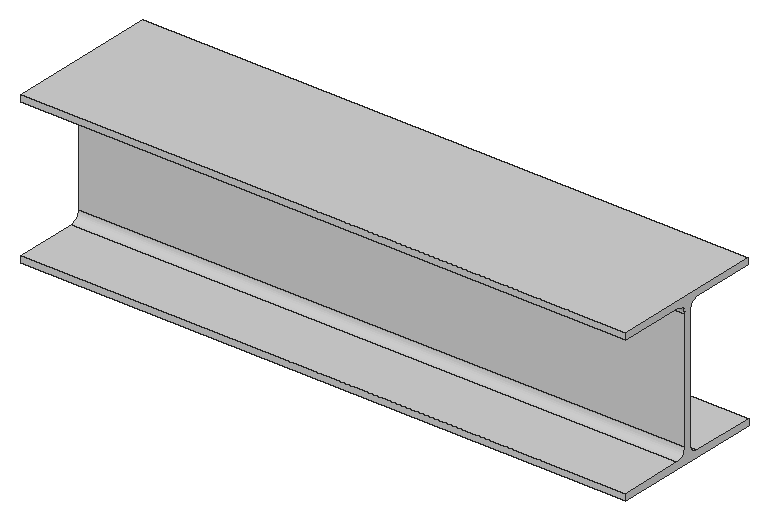
Revit family
Parameters (values of type "HP12X63")
  Start Extension Calculation [instance] = 10' 0 1/2" + Start Extension  # 10' - 0"
  Start Extension [instance] = -0' - 0 1/2"
  End Extension Calculation [instance] = 10' 0 1/2" + End Extension  # 10' - 0"
  End Extension [instance] = -0' - 0 1/2"
  Beam Material [instance] = Metal - Steel - ASTM A572 - Grade 50
  A = 18.40 in²
  Assembly Code = "B10"
  Length [instance] = 5' - 0"
  W = 63
  bf = 1' - 0 13/128"
  d = 0' - 11 241/256"
  k = 0' - 1 1/4"
  k2 = k - tf  # 0' - 0 47/64"
  tf = 0' - 0 33/64"
  tw = 0' - 0 33/64"
Reference planes (in)
  plane 1 "Center (Front/Back)": y = 0
  plane 2: z = 0
  plane 3 "Center (Left/Right)": x = 0.1815
  plane 4 "Member Left": x = -23.8185
  plane 5 "Member Right": x = 24.1815
  plane 6: y = 6.05078
  plane 7: y = -6.05078
  plane 8 "Top": z = 5.9707
  plane 9: z = -5.9707
  plane 10 "Right": x = 30.1815
  plane 11 "Left": x = -29.8185
  plane 12: x = -23.8185
  plane 13: x = 24.1815
  plane 14: x = 96.1815
  plane 15: x = -95.8185
Forms (in)
  Sweep 1, solid, material "Metal - Steel - ASTM A572 - Grade 50" <- "Beam Material", detail levels fine
    path origin (0, 0, 0) x (1, 0, 0) y (0, 1, 0)
      loop
        line (24.1815, 0) -> (-23.8185, 0)
    profile "HP-Bearing Pile-Profile-Fine : HP-Bearing Pile-Profile-Fine" origin (0.1815, 0, 0) x (0, -1, 0) y (0, 0, 1)
      loop
        line (-6.05078, -5.9707) -> (6.05078, -5.9707) -> (6.05078, -5.45508) -> (0.99219, -5.45508)
        arc (0.99219, -5.45508) -> (0.47291, -5.23998) -> (0.25781, -4.7207) r 0.73438
        line (0.25781, -4.7207) -> (0.25781, 4.7207)
        arc (0.25781, 4.7207) -> (0.47291, 5.23998) -> (0.99219, 5.45508) r 0.73438
        line (0.99219, 5.45508) -> (6.05078, 5.45508) -> (6.05078, 5.9707) -> (-6.05078, 5.9707) -> (-6.05078, 5.45508) -> (-0.99219, 5.45508)
        arc (-0.99219, 5.45508) -> (-0.47291, 5.23998) -> (-0.25781, 4.7207) r 0.73438
        line (-0.25781, 4.7207) -> (-0.25781, -4.7207)
        arc (-0.25781, -4.7207) -> (-0.47291, -5.23998) -> (-0.99219, -5.45508) r 0.73438
        line (-0.99219, -5.45508) -> (-6.05078, -5.45508) -> (-6.05078, -5.9707)
  Sweep 2, solid, material "Metal - Steel - ASTM A572 - Grade 50" <- "Beam Material", detail levels medium
    path origin (0, 0, 0) x (1, 0, 0) y (0, 1, 0)
      loop
        line (24.1815, 0) -> (-23.8185, 0)
    profile "HP-Bearing Pile-Profile-Medium : HP-Bearing Pile-Profile-Medium" origin (0.1815, 0, 0) x (0, -1, 0) y (0, 0, 1)
      loop
        line (-6.05078, -5.9707) -> (6.05078, -5.9707) -> (6.05078, -5.45508) -> (0.25781, -5.45508) -> (0.25781, 5.45508) -> (6.05078, 5.45508) -> (6.05078, 5.9707) -> (-6.05078, 5.9707) -> (-6.05078, 5.45508) -> (-0.25781, 5.45508) -> (-0.25781, -5.45508) -> (-6.05078, -5.45508) -> (-6.05078, -5.9707)
Lines and regions (in)
  symbolic lines, style "Stick Symbols", detail levels coarse
    curve 1: line (0.1815, 6.05078, 5.9707) -> (0.1815, -6.05078, 5.9707)
    curve 2: line (0.1815, -6.05078, -5.9707) -> (0.1815, 6.05078, -5.9707)
    curve 3: line (0.1815, 0, -5.9707) -> (0.1815, 0, 5.9707)
  symbolic lines, style "Hidden Faces", detail levels medium+fine
    curve 4: line (24.1815, -0.25781, 0) -> (-23.8185, -0.25781, 0)
    curve 5: line (-23.8185, 0.25781, 0) -> (24.1815, 0.25781, 0)
Dimensions and locks (in)
  "bf": plane 6 to plane 7
  "d": plane 9 to plane 8 "Top"
  equal spacing: plane 9, plane 2, plane 8 "Top"
  equal spacing: plane 6, plane 1 "Center (Front/Back)", plane 7
  "Length": plane 11 "Left" to plane 10 "Right"
  "tw": curve 4 to curve 5
  equal spacing: curve 4, plane 1 "Center (Front/Back)", curve 5
  locked: plane 4 "Member Left" to plane 14 at 120
  locked: plane 15 to plane 5 "Member Right" at 120
  "Start Extension Calculation": plane 12 to plane 14
  "End Extension Calculation": plane 15 to plane 13
  aligned and locked: Sweep 1 sketch curve to plane 1 "Center (Front/Back)"
  aligned and locked: Sweep 2 sketch curve to plane 1 "Center (Front/Back)"
  aligned and locked: Sweep 2 to curve 1
  aligned and locked: Sweep 2 to curve 2
  aligned and locked: curve 1 to Sweep 2  (x2)
  aligned and locked: curve 2 to Sweep 2  (x2)
  aligned and locked: plane 12 to Sweep 2 sketch curve
  aligned and locked: plane 13 to Sweep 2 sketch curve
  aligned and locked: plane 12 to Sweep 1 sketch curve
  aligned and locked: plane 13 to Sweep 1 sketch curve
  aligned and locked: plane 12 to curve 5
  aligned and locked: plane 12 to curve 4
  aligned and locked: plane 13 to curve 5
  aligned and locked: plane 13 to curve 4
Automatic sketch dimensions
  curve 3 to plane 1 "Center (Front/Back)" = 0' - 0"
